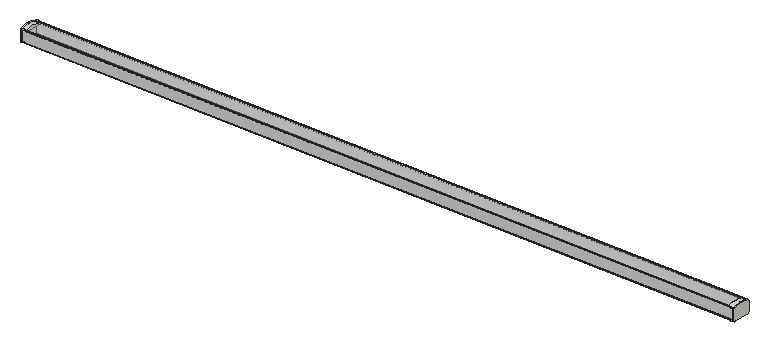
Revit family "3036880+3036930 Sylvania Lighting Fixture LUMISTRIP IP20 5M WW with LUMISTRIP ALU PROFILE OPAL 1M", category Lighting Fixtures, host Face, Revit 2017
Family settings
  Host = Face
  Round Connector Dimension = Use Diameter
  Part Type = Normal
  OmniClass Number = 23.80.70.00
  OmniClass Title = Lighting
  Cut with Voids When Loaded = No
  Light Source = Yes
  Shared = No
  Room Calculation Point = No
Parameters (values of type "3036880+3036930 LUMISTRIP IP20 5M WW with LUMISTRIP ALU PROFILE OPAL 1M")
  Weight = ""
  Wattage Comments = "n/a"
  Wattage = 0 W
  WarrantyStartDate [instance] = "n/a"
  WarrantyGuarantorParts = "n/a"
  WarrantyDurationUnit = "n/a"
  WarrantyDurationParts = "n/a"
  WarrantyDescription = "n/a"
  built-in parameter 1150110 = 1 (stored number, unit not read)
  Voltage = 24 V
  URL = "http://www.sylvania-lighting.com"
  TypeName = "LUMISTRIP IP20 5M WW with LUMISTRIP ALU PROFILE OPAL 1M"
  Type Image = <None>
  Type Comments = "n/a"
  built-in parameter 1114217 = 1 (stored number, unit not read)
  Tilt Angle = -90.00°
  built-in parameter 1150109 = 1 (stored number, unit not read)
  built-in parameter 1150134 = (empty or 0)
  built-in parameter 1150113 = 1 (stored number, unit not read)
  SerialNumber [instance] = "n/a"
  ReflectorMaterial = none
  PowerFactor = 0
  PowerConsumption = ""
  Photometric Web File = "3036880.ies"
  NominalLength = 5000 mm
  NominalHeight = 3 mm
  NominalDepth = 8 mm
  Name = "LUMISTRIP IP20 5M WW with LUMISTRIP ALU PROFILE OPAL 1M"
  ModelReference = Name  # "LUMISTRIP IP20 5M WW with LUMISTRIP ALU PROFILE OPAL 1M"
  ModelNumber = "3036880+3036930"
  Model = Name  # "LUMISTRIP IP20 5M WW with LUMISTRIP ALU PROFILE OPAL 1M"
  Material = "n/a"
  ManufacturerName = "Feilo Sylvania"
  Manufacturer = "Feilo Sylvania"
  LuminousEfficacy = "70.62 lm/W"
  built-in parameter 1150105 = (empty or 0)
  Lumens = 0 lm
  LuminaireType = ""
  built-in parameter 1150115 = 1 (stored number, unit not read)
  LightOutputRatio = "100"
  built-in parameter 1150137 = (empty or 0)
  built-in parameter 1150139 = (empty or 0)
  LampsType = Lamp  # "LED"
  LampNominalLuminous = ""
  LampMacAdamStep = "n/a"
  LampColourTemperature = "3000 K"
  LampColourRenderingIndex = "80"
  built-in parameter 1150112 = 1 (stored number, unit not read)
  built-in parameter 1150114 = 1 (stored number, unit not read)
  Lamp = "LED"
  Keynote = "16500"
  InstallationDate [instance] = "n/a"
  InputVoltage = "24V DC"
  InputNominalFrequency = "n/a"
  built-in parameter 1150132 = (empty or 0)
  built-in parameter 1150102 = (empty or 0)
  built-in parameter 1150107 = 3000 (stored number, unit not read)
  built-in parameter 1150138 = (empty or 0)
  IngressProtection = "IP20"
  ImpactProtectionIndex = "n/a"
  built-in parameter 1150106 = (empty or 0)
  IfcExportType = "IfcLightFixtureType"
  IfcExportAs = "IfcLightFixtureType"
  ExpectedLife = 50000
  EndCapOverhangL_FEILO = 6 mm
  EndCapOverhangR_FEILO = -EndCapOverhangL_FEILO  # -6 mm
  Emit from Rectangle Width = BodyWidth_FEILO  # 25 mm
  Emit from Rectangle Length = BodyLength_FEILO - 16 mm  # 984 mm
  Emit Shape Visible in Rendering = no
  ElectricShockClassification = "Class III"
  built-in parameter 1150104 = 6.5608 (stored number, unit not read)
  DurationUnit = "hours"
  DocumentationLiterature = "http://www.sylvania-lighting.com/product/en-int/products/3036880"
  DimmingControlOptions = "n/a"
  Dimming Lamp Color Temperature Shift = <None>
  DiffuserMaterial = Diffuser-Sylvania-Lumistrip-Transparent
  DiffuserCutOff_FEILO = 8 mm
  Description = ""
  Default Elevation = 1219.2 mm
  CreatedOn = "6/22/2018"
  CreatedBy = ""
  Cost = 0
  Color Filter = 16777215
  built-in parameter 1114216 [instance] = (empty or 0)
  ClassificationValue = "EF_70_80"
  ClassificationName = "Uniclass2015"
  BodyWidth_FEILO = 25 mm
  BodyThickness_FEILO = 1.2 mm
  BodyMaterial = Body-Sylvania-Lumistrip-Aluminium
  BodyLength_FEILO = 1000 mm
  BodyHeight_FEILO = 18.5 mm
  BodyFilletBottom_FEILO = BodyThickness_FEILO  # 1.2 mm
  BodyFilletTop_FEILO = BodyThickness_FEILO / 2  # 0.6 mm
  BarCode [instance] = "n/a"
  built-in parameter 1114218 = 1 (stored number, unit not read)
  built-in parameter 1150133 = 10 (stored number, unit not read)
  AssetType = "Fixed"
  AssetIdentifier [instance] = "n/a"
  Assembly Code = "D5020200"
  Apparent Load = 24 VA
  AccessoryMaterial = Body-Sylvania-Lumistrip-PC
Reference planes
  plane 1 "Center (Front/Back)": y = 0
  plane 2: z = 0
  plane 3 "Center (Left/Right)": x = 0
  plane 4: x = 500
  plane 5: x = -500
  plane 6: y = 12.5
  plane 7: y = -12.5
  plane 8: z = 18.5
  plane 9: z = 17
  plane 10: x = -498
  plane 11: x = 498
  plane 12: y = -11.3
  plane 13: y = 11.3
  plane 14: z = 1.2
  plane 15: z = 16.4
  plane 16: x = -492
  plane 17: x = 492
  plane 18: z = 15
Forms (mm)
  Extrusion 1, solid, material "Body-Sylvania-Lumistrip-Aluminium" <- "BodyMaterial"
    sketch origin (0, 0, 0) x (0, 1, 0) y (0, 0, 1)
      loop
        arc (11.3, 0) -> (12.149, 0.351) -> (12.5, 1.2) r 1.2
        line (12.5, 1.2) -> (12.5, 16.4)
        arc (12.5, 16.4) -> (11.9, 17) -> (11.3, 16.4) r 0.6
        line (11.3, 16.4) -> (11.3, 1.2) -> (-11.3, 1.2) -> (-11.3, 16.4)
        arc (-11.3, 16.4) -> (-11.9, 17) -> (-12.5, 16.4) r 0.6
        line (-12.5, 16.4) -> (-12.5, 1.2)
        arc (-12.5, 1.2) -> (-12.149, 0.351) -> (-11.3, 0) r 1.2
        line (-11.3, 0) -> (11.3, 0)
    from -498 to 498
  Extrusion 2, solid, material "Diffuser-Sylvania-Lumistrip-Transparent" <- "DiffuserMaterial"
    sketch origin (0, 0, 0) x (0, 1, 0) y (0, 0, 1)
      loop
        line (-11.3, 16.4) -> (-11.3, 15) -> (11.3, 15) -> (11.3, 16.4)
        arc (11.3, 16.4) -> (0, 18.5) -> (-11.3, 16.4) r 31.452
    from -492 to 492
  Extrusion 3, solid, material "Body-Sylvania-Lumistrip-PC" <- "AccessoryMaterial"
    sketch origin (-500, 1524, 1219.2) x (0, 1, 0) y (0, 0, 1)
      loop
        arc (-1512.274, -1202.968) -> (-1524.257, -1200.701) -> (-1536.202, -1203.163) r 31.452
        arc (-1536.202, -1203.163) -> (-1536.423, -1203.532) -> (-1536.5, -1203.955) r 1.2
        line (-1536.5, -1203.955) -> (-1536.5, -1218)
        arc (-1536.5, -1218) -> (-1536.149, -1218.849) -> (-1535.3, -1219.2) r 1.2
        line (-1535.3, -1219.2) -> (-1512.7, -1219.2)
        arc (-1512.7, -1219.2) -> (-1511.851, -1218.849) -> (-1511.5, -1218) r 1.2
        line (-1511.5, -1218) -> (-1511.5, -1204.112)
        arc (-1511.5, -1204.112) -> (-1511.712, -1203.422) -> (-1512.274, -1202.968) r 1.234
    from 0 to 2
  Extrusion 4, solid, material "Body-Sylvania-Lumistrip-PC" <- "AccessoryMaterial"
    sketch origin (-498, 1524, 1219.2) x (0, 1, 0) y (0, 0, 1)
      loop
        line (-1535.3, -1204.2) -> (-1512.7, -1204.2) -> (-1512.7, -1202.8)
        arc (-1512.7, -1202.8) -> (-1524, -1200.7) -> (-1535.3, -1202.8) r 31.452
        line (-1535.3, -1202.8) -> (-1535.3, -1204.2)
    from 0 to 6 <- "EndCapOverhangL_FEILO"
  Extrusion 5, solid, material "Body-Sylvania-Lumistrip-PC" <- "AccessoryMaterial"
    sketch origin (500, 1524, 1219.2) x (0, 1, 0) y (0, 0, 1)
      loop
        line (-1535.3, -1219.2) -> (-1512.7, -1219.2)
        arc (-1512.7, -1219.2) -> (-1511.851, -1218.849) -> (-1511.5, -1218) r 1.2
        line (-1511.5, -1218) -> (-1511.5, -1204.09)
        arc (-1511.5, -1204.09) -> (-1511.706, -1203.418) -> (-1512.252, -1202.977) r 1.2
        arc (-1512.252, -1202.977) -> (-1524, -1200.7) -> (-1535.748, -1202.977) r 31.452
        arc (-1535.748, -1202.977) -> (-1536.294, -1203.418) -> (-1536.5, -1204.09) r 1.2
        line (-1536.5, -1204.09) -> (-1536.5, -1218)
        arc (-1536.5, -1218) -> (-1536.149, -1218.849) -> (-1535.3, -1219.2) r 1.2
    from 0 to -2
  Extrusion 6, solid, material "Body-Sylvania-Lumistrip-PC" <- "AccessoryMaterial"
    sketch origin (498, 1524, 1219.2) x (0, 1, 0) y (0, 0, 1)
      loop
        line (-1535.3, -1204.2) -> (-1512.7, -1204.2) -> (-1512.7, -1202.8)
        arc (-1512.7, -1202.8) -> (-1524, -1200.7) -> (-1535.3, -1202.8) r 31.452
        line (-1535.3, -1202.8) -> (-1535.3, -1204.2)
    from 0 to -6 <- "EndCapOverhangR_FEILO"
Cuts and joins
  joined: Extrusion 3, Extrusion 4
  joined: Extrusion 5, Extrusion 6
Dimensions and locks
  "BodyLength_FEILO": plane 5 to plane 4
  equal spacing: plane 5, plane 3 "Center (Left/Right)", plane 4
  "BodyWidth_FEILO": plane 7 to plane 6
  plane 7 to plane 6 = 25 mm
  "BodyHeight_FEILO": plane 8 to plane 2
  locked: plane 9 to plane 8 at 1.5
  equal spacing: plane 10, plane 3 "Center (Left/Right)", plane 11
  locked: plane 5 to plane 10 at 2
  equal spacing: plane 12, plane 1 "Center (Front/Back)", plane 13
  "BodyThickness_FEILO": plane 7 to plane 12
  "BodyThickness_FEILO": plane 14 to plane 2
  "BodyFilletTop_FEILO": plane 15 to plane 9
  "BodyFilletTop_FEILO": plane 7 to Extrusion 1 sketch curve
  "BodyFilletTop_FEILO": plane 13 to Extrusion 1 sketch curve
  equal spacing: plane 16, plane 3 "Center (Left/Right)", plane 17
  "DiffuserCutOff_FEILO": plane 5 to plane 16
  locked: plane 18 to plane 9 at 2
  locked: Extrusion 2 sketch curve to plane 8 at 31.452
  "BodyFilletBottom_FEILO": radius of Extrusion 1 sketch curve  (x2)
  "BodyFilletBottom_FEILO": radius of Extrusion 3 sketch curve  (x3)
  radius of Extrusion 3 sketch curve = 1.234 mm
  "BodyFilletBottom_FEILO": radius of Extrusion 5 sketch curve  (x4)
  aligned and locked: plane 2 to host face
  aligned and locked: level to host face
  aligned and locked: level to Extrusion 1 sketch curve
  aligned and locked: plane 12 to Extrusion 1 sketch curve  (x2)
  aligned and locked: plane 14 to Extrusion 1 sketch curve
  aligned and locked: plane 6 to Extrusion 1 sketch curve
  aligned and locked: plane 11 to Extrusion 1
  aligned and locked: Extrusion 1 to plane 10
  aligned and locked: plane 15 to Extrusion 1 sketch curve  (x6)
  aligned and locked: Extrusion 1 sketch curve to plane 7
  aligned and locked: Extrusion 1 sketch curve to plane 13
  aligned and locked: Extrusion 1 to Extrusion 2 sketch curve
  aligned and locked: plane 18 to Extrusion 2 sketch curve
  aligned and locked: Extrusion 2 sketch curve to plane 13
  aligned and locked: plane 1 "Center (Front/Back)" to Extrusion 2 sketch curve
  aligned and locked: plane 17 to Extrusion 2
  aligned and locked: Extrusion 2 to plane 16
  aligned and locked: Extrusion 3 sketch curve to Extrusion 2
  aligned and locked: Extrusion 1 to Extrusion 3 sketch curve  (x3)
  aligned and locked: plane 10 to Extrusion 3
  aligned and locked: Extrusion 3 to plane 5
  aligned and locked: Extrusion 4 sketch curve to Extrusion 2  (x4)
  aligned and locked: Extrusion 4 to plane 10
  aligned and locked: Extrusion 5 sketch curve to plane 6
  aligned and locked: Extrusion 5 sketch curve to level
  aligned and locked: Extrusion 5 sketch curve to Extrusion 2
  aligned and locked: Extrusion 5 to plane 11
  aligned and locked: plane 4 to Extrusion 5
  aligned and locked: Extrusion 6 sketch curve to cut or joined group of Extrusion 3, Extrusion 4  (x4)
  aligned and locked: plane 11 to Extrusion 6
  aligned and locked: imposter light to plane 8
  aligned and locked: imposter light to plane 1 "Center (Front/Back)"
  aligned and locked: plane 3 "Center (Left/Right)" to imposter light
Automatic sketch dimensions
  host sketch curve to host sketch curve = 2438.4 mm  (x2)
  plane 15 to Extrusion 2 sketch curve = 0 mm
  Extrusion 3 sketch curve to plane 18 = 0.088 mm
  Extrusion 3 sketch curve to plane 18 = 0.245 mm
  Extrusion 5 sketch curve to plane 7 = 0 mm
  Extrusion 5 sketch curve to plane 18 = 0.11 mm  (x2)
Connectors
  electrical at (0, 0, 0), driven by "Apparent Load", driven by "PowerFactor", driven by "Voltage"
    settings: index 1, voltage 24 V, apparent load 24 VA, apparent load phase1 0 VA, apparent load phase2 0 VA, apparent load phase3 0 VA, power factor 0, load classification "Lighting", number of poles 1, system type 30, power factor state 1, is connector primary yes, connector utility no, sub classification motor no, connector description ""
